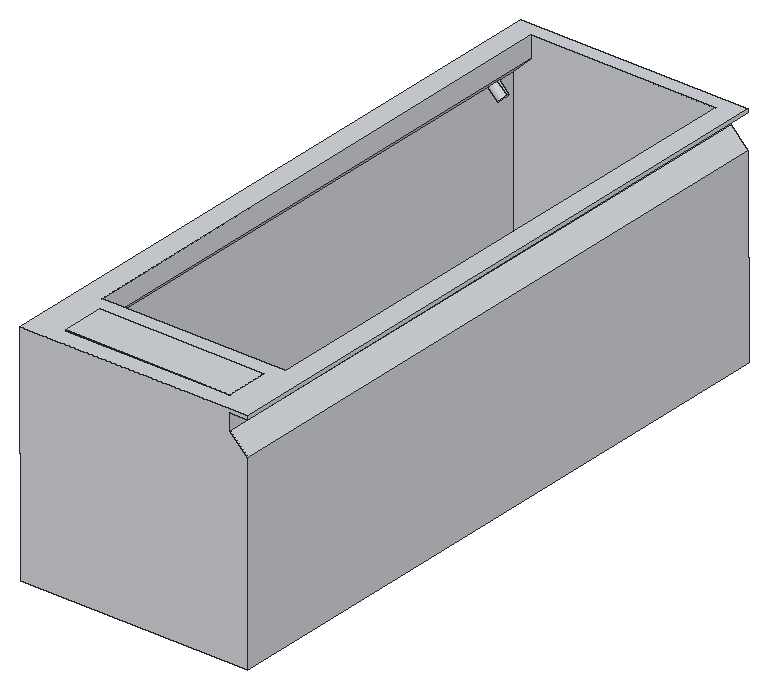
Revit family "Shower_Cabinet-Willoughby-US-3232-FA-L", category Plumbing Fixtures, Revit 2015
Parameters (values of type "Standard")
  Waste Radius = Waste DIA / 2  # 1"
  Waste DIA = 2"
  Waste Connection = yes
  Vent Connection = no
  URL = "https://www.willoughby-ind.com/wp-content/uploads/2018/01/US-3636-FA.pdf"
  Revision = "A"
  Model = "US-3232-FA-L"
  Manufacturer = "Willoughby Industries"
  HW Connection = no
  HCW Inlet RAD = HCW Inlet DIA / 2  # 1/4"
  HCW Inlet DIA = 1/2"
  HCW Connection = yes
  Fixture Body = Stainless Steel AISI 304-Willoughby
  Description = "US 32\" X 32\" Series Cabinet Shower Front Access, Left Hand"
  Default Elevation = 0' - 0"
  Contact info = "(800) 428-4065"
  CW Connection = no
Reference planes (in)
  plane 1 "Center (Front/Back)": y = 0
  plane 2: z = 0
  plane 3 "Center (Left/Right)": x = 0
  plane 4: y = 88
  plane 5: x = -16
  plane 6: x = 16
  plane 7: z = 32
  plane 8: z = 16
  plane 9 "Waste Height": y = 6.5
Forms (in)
  Extrusion 1, solid
    sketch origin (0, 0, 0) x (1, 0, 0) y (0, 0, 1)
      loop
        line (-16, 0) -> (16, 0) -> (16, 26.70711) -> (13.5, 29.20711) -> (13.5, 31.5) -> (16, 31.5) -> (16, 32) -> (-16, 32) -> (-16, 0)
    from 0 to -88
  Extrusion 2, void, detail levels fine
    sketch origin (0, 0, 0) x (1, 0, 0) y (0, 0, 1)
      loop
        line (-15.5, 0.5) -> (15.5, 0.5) -> (15.5, 26.5) -> (13, 29) -> (-13, 29) -> (-15.5, 26.5) -> (-15.5, 0.5)
    from -9 to -10.5
  Extrusion 3, void, detail levels fine
    sketch origin (0.89838, 0, 1.72188) x (1, 0, 0) y (0, 0, 1)
      loop
        circle (-0.89838, 14.27812) r 2
    from -8.61062 to -9
  Extrusion 4, solid
    sketch origin (0, 0, 0) x (1, 0, 0) y (0, 1, 0)
      loop
        circle (0, 6.5) r 1
    from 0 to 5.55813
  Extrusion 5, void
    sketch origin (0, 10.5, 0) x (-1, 0, 0) y (0, 0, 1)
      loop
        line (-13, 32) -> (-13, 29) -> (-15.5, 26.5) -> (-15.5, 0.5) -> (15.5, 0.5) -> (15.5, 26.5) -> (13, 29) -> (13, 32) -> (-13, 32)
    from 0 to 75.5
  Extrusion 6, solid
    sketch origin (-15.61612, 0, 26.38388) x (0.707107, 0, 0.707107) y (0, -1, 0)
      loop
        circle (1.93198, -81) r 0.75
    from 0 to 2
  Extrusion 7, solid
    sketch origin (0, 0, 0) x (1, 0, 0) y (0, 0, 1)
      loop
        line (0, 32) -> (11.5, 32) -> (11.5, 32.075) -> (-11.5, 32.075) -> (-11.5, 32) -> (0, 32)
    from -2.375 to -8.375
Cuts and joins
  Extrusion 2, Extrusion 3, Extrusion 5 cuts Extrusion 1
Lines and regions (in)
  model lines, detail levels coarse+medium
    curve 1: line (-16, 0, 0) -> (16, 0, 0)
  symbolic lines
    curve 2: line (-16, 0, 0) -> (-16, 88, 0)
    curve 3: line (-16, 88, 0) -> (16, 88, 0)
    curve 4: line (16, 88, 0) -> (16, 0, 0)
    curve 5: line (16, 0, 0) -> (-16, 0, 0)
    curve 6: line (-13.5, 0, 0) -> (-13.5, 88, 0)
    curve 18: line (16, 0, 0) -> (16, 0, 32)
    curve 19: line (16, 0, 32) -> (-16, 0, 32)
    curve 20: line (-16, 0, 32) -> (-16, 0, 31.5)
    curve 21: line (-16, 0, 31.5) -> (-13.5, 0, 31.5)
    curve 22: line (-13.5, 0, 31.5) -> (-13.5, 0, 29.20711)
    curve 23: line (-13.5, 0, 29.20711) -> (-16, 0, 26.70711)
    curve 24: line (-16, 0, 26.70711) -> (-16, 0, 0)
    curve 25: line (0, 0, 0) -> (0, 88, 0)
    curve 26: line (0, 88, 0) -> (0, 88, 32)
    curve 27: line (0, 88, 32) -> (0, 0, 32)
    curve 28: line (0, 0, 32) -> (0, 0, 0)
  symbolic lines, detail levels medium+fine
    curve 7: line (-15.5, 9, 0) -> (-15.5, 86, 0)
    curve 8: line (-15.5, 86, 0) -> (15.5, 86, 0)
    curve 9: line (15.5, 86, 0) -> (15.5, 9, 0)
    curve 10: line (15.5, 9, 0) -> (-15.5, 9, 0)
    curve 11: line (-13, 9, 0) -> (-13, 86, 0)
    curve 12: line (13, 86, 0) -> (13, 9, 0)
    curve 17: line (13, 10.5, 0) -> (-13, 10.5, 0)
    curve 29: line (0, 0, 31.5) -> (0, 88, 31.5)
    curve 30: line (0, 0, 29.20711) -> (0, 88, 29.20711)
    curve 31: line (0, 0, 26.70711) -> (0, 88, 26.70711)
  symbolic lines, detail levels fine
    curve 13: circle (0, 50.98606, 0) r 0.74987 normal (0, 0, 1)
    curve 14: line (12.82213, 80.25409, 0) -> (13, 80.25409, 0)
    curve 15: line (13, 81.75409, 0) -> (12.82213, 81.75409, 0)
    curve 16: spline (12.82213, 81.75409, 0) -> (12.69272, 81.72853, 0) -> (12.57213, 81.65361, 0) -> (12.46858, 81.53442, 0) -> (12.38912, 81.37909, 0) -> (12.33917, 81.1982, 0) -> (12.32213, 81.00409, 0) -> (12.33917, 80.80998, 0) -> (12.38912, 80.62909, 0) -> (12.46858, 80.47376, 0) -> (12.57213, 80.35457, 0) -> (12.69272, 80.27965, 0) -> (12.82213, 80.25409, 0)
Dimensions and locks (in)
  cut or joined group of Extrusion 1, Extrusion 2, Extrusion 3, Extrusion 5 to plane 1 "Center (Front/Back)" = 0' - 9"
  plane 1 "Center (Front/Back)" to plane 9 "Waste Height" = 0' - 6 1/2"
  locked: level to Extrusion 1 sketch curve at 32
  locked: plane 1 "Center (Front/Back)" to plane 4 at 88
  locked: plane 5 to plane 6 at 32
  locked: plane 9 "Waste Height" to cut or joined group of Extrusion 1, Extrusion 2, Extrusion 3, Extrusion 5 at 2.5
  locked: Extrusion 2 sketch curve to Extrusion 2 sketch curve (angle 45.00°)  (x2)
  aligned and locked: Extrusion 1 to plane 4
  aligned: plane 5 to Extrusion 1
  aligned and locked: level to Extrusion 1 sketch curve
  aligned and locked: Extrusion 5 sketch curve to cut or joined group of Extrusion 1, Extrusion 2, Extrusion 3, Extrusion 5  (x7)
  aligned and locked: cut or joined group of Extrusion 1, Extrusion 2, Extrusion 3, Extrusion 5 to Extrusion 5 sketch curve
  aligned and locked: cut or joined group of Extrusion 1, Extrusion 2, Extrusion 3, Extrusion 5 to cut or joined group of Extrusion 1, Extrusion 2, Extrusion 3, Extrusion 5
  aligned and locked: curve 1 to cut or joined group of Extrusion 1, Extrusion 2, Extrusion 3, Extrusion 5
Connectors (in)
  piping at (0, 6.5, 0), diameter 2, driven by "Waste Connection", driven by "Waste Radius"
    settings: on Extrusion 4, index 2, connector inside diameter 2", connector length 0' - 0", flow factor 0, pipe flow 0 GPM, pressure drop 0.00 psi, fitting loss kfactor 0, connector angle 0.00°, fixture units 0, engagement length 0' - 0", angle of deflection 0.00°, flow configuration 0, flow direction 2, fitting loss method 0, system type 16, joint type 0, gender type 0, connector reference index -1, connector utility 1, adjustable connector yes, is connector primary yes, connector description "Shower Drain"
